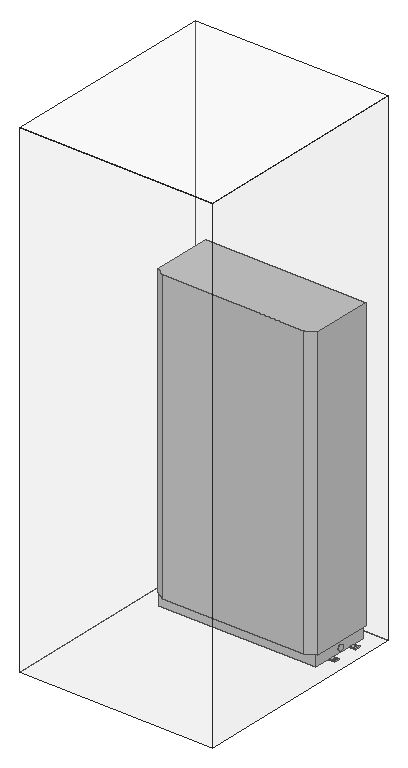
Revit family "pf-rp224_280ea_60Hz", category 機械設備, Revit 2019
Family settings
  丸型コネクタ寸法 = 直径を使用
  パーツ タイプ = 標準
  OmniClass 番号 = 23.75.10.24.21.27.27
  OmniClass タイトル = Split System Air Conditioning Units
  作業面ベース = いいえ
  常に垂直 = はい
  ロード時にボイドで切り取り = いいえ
  共有 = いいえ
  部屋計算ポイント = いいえ
Parameters (values of type "PF-RP224EA")
  騒音レベル（静）(dB) = 65
  騒音レベル（強）(dB) = 68
  騒音レベル（弱）(dB) = 66
  騒音レベル（中）(dB) = 67
  風量（静）（m3／min） = 42
  風量（弱）（m3／min） = 46
  風量（中）（m3／min） = 49
  風量（m3／min） = 53
  風量 = MAX風量  # 3180.0 m³/h
  音響パワーレベル(dB) = 68
  電源種別 = ""
  電圧_電気ヒーター = 0 V
  電圧 = 200 V
  電動機出力_送風機 = 375 W
  電動機出力_圧縮機 = 0 W
  運転質量 = 0.00 kg
  連動 = ""
  質量 = if(製品質量 > 運転質量, 製品質量, 運転質量) * 1.2  # 120.00 kg
  負荷分類 = 3_ファン類
  説明 = "店舗・事務所用パッケージエアコン(Mr.SLIM) 床置形"
  設計暖房能力 [instance] = 0 kW
  設計冷房能力_顕熱 [instance] = 0 kW
  設計冷房能力 [instance] = 0 kW
  設置方法 = "床置形"
  記号 [instance] = ""
  製造元 = "三菱電機株式会社"
  製品質量 = 100.00 kg
  製品出荷対象 = "国内"
  製品リリース年月 = "2021年6月23日"
  製品グループ = ""
  系統 [instance] = ""
  符号 = "PAC-FRV(J)"
  積算_科目 = "1 空気調和設備"
  積算_拾い区分 [instance] = ""
  相_電気ヒーター = 1
  相 = 1
  盤記号 [instance] = ""
  発停方法 = ""
  特殊仕様 [instance] = ""
  火災停止 = ""
  消費電力_電気ヒーター = 0 W
  消費電力_暖房 = 300 W
  消費電力_加湿器 = 0 W
  消費電力_冷房 = 300 W
  消費電力 = if(消費電力_冷房 > 消費電力_暖房, 消費電力_冷房, 消費電力_暖房) + 消費電力_加湿器 + 消費電力_電気ヒーター  # 300 W
  法定耐用年数 = "15"
  機械基礎質量 [instance] = 0.00 kg
  機械基礎_W = 0 mm
  機械基礎_H = 0 mm
  機械基礎_D = 0 mm
  機械基礎 [instance] = no
  機外静圧 = 0.0 Pa
  極数 = 3
  材質 [instance] = ""
  本体マテリアル = none
  有効加湿量 = 0
  最大電流値 = 0 A
  暖房能力 = 22.4 kW
  推奨ブレーカー容量 = 0 A
  形式_加湿器 = ""
  形式 = "床置（露出）立形"
  幹線記号 [instance] = ""
  始動方式 = "直入"
  呼称 = "室内機_床置(露出)⽴形(直吹)"
  周波数 = 60 Hz
  台数_手元リモコン [instance] = ""
  台数_冷媒分岐ユニット [instance] = ""
  参照している仕様書等のバージョン = "公共建築工事標準仕様書（機械設備工事編）平成31年度版"
  加湿給水管径 = 0.00 mm
  分類コード = "50053003123100"
  分類グループ = ""
  冷房能力 = 20 kW
  冷媒高低圧ガス管径 = 0.00 mm
  冷媒管径符号 = "Bg"
  冷媒管径 = 100.00 mm
  冷媒液管径 = 9.52 mm
  冷媒ガス管径 = 25.40 mm
  価格 = 0
  企業コード = "108420"
  付属品_フィルター = ""
  付属品 [instance] = ""
  仕様書バージョン = "Version1.0"
  モデル = "PF-RP224EA"
  ドレン管径 = 26.00 mm
  サービススペース = yes
  コメント [instance] = ""
  Keynote = ""
  Width = 985 mm
  Version = ""
  Uniclass2015Version = "Systems v1.9"
  Uniclass2015Title = "Split coil remote air cooled condensing units"
  Uniclass2015Code = "Pr_70_65_03_84"
  URL = "https://www.mitsubishielectric.co.jp/ldg/wink/ssl/displayProduct.do?pid=310223"
  S寸法 = 50 mm
  SpecificationReference = ""
  SpecificationDescription = ""
  Revision = ""
  ProductInformation = ""
  OmniClassCode = "23-33 17 13 11"
  MIN風量2 = 風量（静）（m3／min） * 60.0 m³/h  # 2520.0 m³/h
  MIN風量 = 風量（弱）（m3／min） * 60.0 m³/h  # 2760.0 m³/h
  MID風量 = 風量（中）（m3／min） * 60.0 m³/h  # 2940.0 m³/h
  MAX風量 = 風量（m3／min） * 60.0 m³/h  # 3180.0 m³/h
  IfcTypeProduct = ""
  IfcProduct = ""
  IfcExportType = "AIRCONDITIONINGUNIT"
  IfcExportAs = "IfcUnitaryEquipmentType"
  Height = 1850 mm
  Depth = 400 mm
  Clearance Top = 300 mm
  Clearance Right = 100 mm
  Clearance Left = 100 mm
  Clearance Front = 900 mm
  Clearance Back = 50 mm
  COP = 0
  Author = "三菱電機株式会社"
  APF = 0
Types (2, lengths in mm): name | 騒音レベル（静）(dB) | 騒音レベル（強）(dB) | 騒音レベル（弱）(dB) | 騒音レベル（中）(dB) | 風量（静）（m3／min） | 風量（弱）（m3／min） | 風量（中）（m3／min） | 風量（m3／min） | 風量 | 音響パワーレベル(dB) | 質量 | 製品質量 | 消費電力_暖房 | 消費電力_冷房 | 消費電力 | 暖房能力 | 冷房能力 | 冷媒管径符号 | 冷媒液管径 | 企業コード | モデル | Width | URL | MIN風量2 | MIN風量 | MID風量 | MAX風量
  PF-RP280EA | 68 | 72 | 69 | 70 | 55 | 61 | 67 | 73 | 4380.0 m³/h | 72 | 133.20 kg | 111.00 kg | 500 W | 500 W | 500 W | 28 kW | 25 kW | "Cg" | 12.70 | "" | "PF-RP280EA" | 1200 | "https://www.mitsubishielectric.co.jp/ldg/wink/ssl/displayProduct.do?pid=310224" | 3300.0 m³/h | 3660.0 m³/h | 4020.0 m³/h | 4380.0 m³/h
  PF-RP224EA | 65 | 68 | 66 | 67 | 42 | 46 | 49 | 53 | 3180.0 m³/h | 68 | 120.00 kg | 100.00 kg | 300 W | 300 W | 300 W | 22.4 kW | 20 kW | "Bg" | 9.52 | "108420" | "PF-RP224EA" | 985 | "https://www.mitsubishielectric.co.jp/ldg/wink/ssl/displayProduct.do?pid=310223" | 2520.0 m³/h | 2760.0 m³/h | 2940.0 m³/h | 3180.0 m³/h
Reference planes
  plane 1: z = 0
  plane 2 "上": z = 1820
  plane 3: z = 1850
  plane 4: z = 0
  plane 5: z = 2150
  plane 6 "中心(左/右)": x = 0
  plane 7 "左": x = -492.5
  plane 8 "右": x = 492.5
  plane 9 "正面": y = -400
  plane 10 "背面": y = 0
  plane 11: y = -525
  plane 12: y = 50
  plane 13: x = -542.5
  plane 14: y = -450
  plane 15: y = 50
  plane 16: y = -1300
  plane 17: x = -592.5
  plane 18: x = 592.5
  plane 19: x = 542.5
  plane 20: y = -200
Lines and regions (mm)
  Masking region 1, detail levels coarse+medium
    outline origin (0, -255, 0) x (1, 0, 0) y (0, 1, 0)
      loop
        line (-492.5, -145) -> (492.5, -145) -> (492.5, 255) -> (-492.5, 255) -> (-492.5, -145)
Dimensions and locks
  locked: plane 3 to plane 2 "上" at 30
  "Height": plane 3 to plane 4
  "Clearance Top": plane 5 to plane 3
  "機械基礎_H": plane 4 to plane 1
  equal spacing: plane 7 "左", plane 6 "中心(左/右)", plane 8 "右"
  "Width": plane 7 "左" to plane 8 "右"
  plane 9 "正面" to plane 10 "背面" = 400 mm
  "Depth": plane 9 "正面" to plane 10 "背面"
  "S寸法": plane 10 "背面" to plane 12
  "S寸法": plane 14 to plane 9 "正面"
  "S寸法": plane 13 to plane 7 "左"
  "Clearance Left": plane 17 to plane 7 "左"
  "Clearance Right": plane 8 "右" to plane 18
  "Clearance Front": plane 16 to plane 9 "正面"
  "Clearance Back": plane 10 "背面" to plane 15
  "S寸法": plane 8 "右" to plane 19
  equal spacing: plane 9 "正面", plane 20, plane 10 "背面"
  aligned and locked: level to plane 1
  aligned and locked: plane 18 to nested 1
  aligned and locked: plane 16 to nested 1
  aligned and locked: nested 1 to plane 17
  aligned and locked: nested 1 to plane 15
  aligned and locked: plane 6 "中心(左/右)" to nested 2
  aligned and locked: plane 20 to nested 2
Automatic sketch dimensions
  Masking region 1 sketch curve to plane 7 "左" = 0 mm
  Masking region 1 sketch curve to plane 8 "右" = 0 mm
  plane 9 "正面" to Masking region 1 sketch curve = 0 mm
  plane 10 "背面" to Masking region 1 sketch curve = 0 mm
Nested families
  nested 1: "サービススペース(PF-RP-EA)" at (0, -625, 1500), visible <- "サービススペース", type "サービススペース(PF-RP-EA)"
    with Width 1185 mm, Height 3000 mm, Depth 1350 mm
  nested 2: "PF-RP-EA" at (0, -200, 0), ①奥行き <- "Depth", ①幅 <- "Width", ①高さ <- "Height", 配管径 <- "冷媒管径", type "PF-RP-EA"
    with 配管径 100 mm, 液W 130 mm, 液H 242 mm, 液D 118 mm, 吊りボルトW 1017 mm, 吊りボルトD 160 mm, ドレン径 30 mm, ドレンW 0 mm, ドレンH 33 mm, ドレンD 190 mm, ガスW 55 mm, ガスH 193 mm, ガスD 118 mm, ①高さ 1850 mm, ①幅 985 mm, ①奥行き 400 mm
Connectors
  piping at (492.5, -190, 33), diameter 26, driven by "ドレン管径"
    settings: on nested 2, index 1, connector inside diameter 609.60 mm, connector length 0 mm, flow factor 0, pipe flow 0.0 L/s, pressure drop 0.0 Pa, fitting loss kfactor 0, connector angle 0.00°, fixture units 0, engagement length 0 mm, angle of deflection 0.00°, flow configuration 1, flow direction 2, fitting loss method 4, system type 16, joint type 0, gender type 0, connector reference index -1, connector utility 0, adjustable connector no, is connector primary yes, connector description ""
  piping at (-335, -282, 193), diameter 100, driven by "冷媒管径"
    settings: on nested 2, index 2, connector inside diameter 609.60 mm, connector length 0 mm, flow factor 0, pipe flow 0.0 L/s, pressure drop 0.0 Pa, fitting loss kfactor 0, connector angle 0.00°, fixture units 0, engagement length 0 mm, angle of deflection 0.00°, flow configuration 1, flow direction 2, fitting loss method 4, system type 7, joint type 0, gender type 0, connector reference index -1, connector utility 0, adjustable connector no, is connector primary no, connector description ""
  piping at (-492.5, -190, 33), diameter 26, driven by "ドレン管径"
    settings: on nested 2, index 3, connector inside diameter 609.60 mm, connector length 0 mm, flow factor 0, pipe flow 0.0 L/s, pressure drop 0.0 Pa, fitting loss kfactor 0, connector angle 0.00°, fixture units 0, engagement length 0 mm, angle of deflection 0.00°, flow configuration 1, flow direction 2, fitting loss method 4, system type 16, joint type 0, gender type 0, connector reference index -1, connector utility 0, adjustable connector no, is connector primary no, connector description ""
Definition of nested family "サービススペース(PF-RP-EA)"
  Parameters (values of type "サービススペース")
    Width [instance] = 500 mm
    Height [instance] = 500 mm
    Depth [instance] = 500 mm
  Reference planes
    plane 1 "中心(正面/背面)": y = 0
    plane 2: z = 0
    plane 3 "中心(左/右)": x = 0
    plane 4: y = -250
    plane 5: x = 250
    plane 6: y = 250
    plane 7: x = -250
    plane 8: z = 250
    plane 9: z = -250
  Forms (mm)
    Extrusion 1, solid
      sketch origin (-638.939, 0, 72.39) x (1, 0, 0) y (0, 1, 0)
        loop
          line (388.939, 250) -> (388.939, -250) -> (888.939, -250) -> (888.939, 250) -> (388.939, 250)
      from -322.39 to 177.61
  Lines and regions (mm)
    symbolic lines
      curve 1: line (-250, 0, 250) -> (250, 0, 250)
      curve 2: line (-250, 0, -250) -> (-250, 0, 250)
      curve 3: line (250, 0, -250) -> (-250, 0, -250)
      curve 4: line (250, 0, 250) -> (250, 0, -250)
      curve 5: line (0, -250, 250) -> (0, 250, 250)
      curve 6: line (0, -250, -250) -> (0, -250, 250)
      curve 7: line (0, 250, -250) -> (0, -250, -250)
      curve 8: line (0, 250, 250) -> (0, 250, -250)
      curve 9: line (-250, 250, 0) -> (250, 250, 0)
      curve 10: line (-250, -250, 0) -> (-250, 250, 0)
      curve 11: line (250, -250, 0) -> (-250, -250, 0)
      curve 12: line (250, 250, 0) -> (250, -250, 0)
  Dimensions and locks
    equal spacing: plane 7, plane 3 "中心(左/右)", plane 5
    equal spacing: plane 4, plane 1 "中心(正面/背面)", plane 6
    "Depth": plane 4 to plane 6
    "Width": plane 7 to plane 5
    equal spacing: plane 8, plane 2, plane 9
    "Height": plane 8 to plane 9
    aligned and locked: plane 9 to curve 3
    aligned and locked: plane 7 to curve 2
    aligned and locked: curve 4 to plane 5
    aligned and locked: plane 5 to Extrusion 1
    aligned and locked: Extrusion 1 to plane 7
    aligned and locked: Extrusion 1 to plane 9
    aligned and locked: plane 8 to Extrusion 1
    aligned and locked: plane 9 to curve 7
  Automatic sketch dimensions
    plane 4 to Extrusion 1 sketch curve = 0 mm
    Extrusion 1 sketch curve to plane 7 = 0 mm
    Extrusion 1 sketch curve to plane 5 = 0 mm
    plane 6 to Extrusion 1 sketch curve = 0 mm
    curve 2 to plane 8 = 0 mm
    plane 4 to curve 11 = 0 mm
    curve 11 to plane 7 = 0 mm
    curve 11 to plane 5 = 0 mm
    plane 6 to curve 10 = 0 mm
    curve 7 to plane 4 = 0 mm
    curve 7 to plane 6 = 0 mm
    curve 6 to plane 8 = 0 mm
Definition of nested family "PF-RP-EA"
  Parameters (values of type "PF-RP-EA")
    配管径 [instance] = 100 mm
    液W [instance] = if(①幅 = 985 mm, 130 mm, 129 mm)  # 130 mm
    液H [instance] = 242 mm
    液D [instance] = 118 mm
    吊りボルトW [instance] = if(①幅 = 985 mm, 1017 mm, 1232 mm)  # 1017 mm
    吊りボルトD [instance] = 160 mm
    ドレン径 [instance] = 30 mm
    ドレンW [instance] = 0 mm
    ドレンH [instance] = 33 mm
    ドレンD [instance] = 190 mm
    ガスW [instance] = if(①幅 = 985 mm, 55 mm, 58 mm)  # 55 mm
    ガスH [instance] = 193 mm
    ガスD [instance] = 118 mm
    ①高さ [instance] = 1850 mm
    ①幅 [instance] = 985 mm
    ①奥行き [instance] = 400 mm
  Reference planes
    plane 1 "中心(正面/背面)": y = 0
    plane 2: z = 0
    plane 3 "中心(左/右)": x = 0
    plane 4: x = -492.5
    plane 5: x = 492.5
    plane 6: y = 200
    plane 7: y = -200
    plane 8: z = 1850
    plane 9: z = 1825
    plane 10: z = 1545
    plane 11: z = 1000
    plane 12: z = 915
    plane 13: z = 70
    plane 14: x = -482.5
    plane 15: x = 482.5
    plane 16: y = 190
    plane 17: y = -170
    plane 18: x = -432.5
    plane 19: x = 432.5
    plane 20: x = -362.5
    plane 21: x = -307.5
    plane 22: x = -335
    plane 23: y = -82
    plane 24: z = 193
    plane 25: z = 242
    plane 26: x = -508.5
    plane 27: x = 508.5
    plane 28: y = 100
    plane 29: y = -60
    plane 30: x = -522.5
    plane 31: x = 522.5
    plane 32: y = 115
    plane 33: y = 85
    plane 34: y = -75
    plane 35: y = -45
    plane 36: y = 10
    plane 37: z = 33
  Forms (mm)
    Extrusion 1, solid, detail levels fine
      sketch origin (0, 0, 0) x (1, 0, 0) y (0, 1, 0)
        loop
          line (-492.5, 200) -> (-492.5, -170) -> (-432.5, -200) -> (432.5, -200) -> (492.5, -170) -> (492.5, 200) -> (-492.5, 200)
      from 70 to 1850
    Extrusion 2, solid, detail levels fine
      sketch origin (0, 0, 0) x (1, 0, 0) y (0, 1, 0)
        loop
          line (-482.5, 190) -> (-482.5, -170) -> (482.5, -170) -> (482.5, 190) -> (-482.5, 190)
      from 0 to 70
    Extrusion 3, solid, detail levels fine
      sketch origin (0, 0, 0) x (1, 0, 0) y (0, 1, 0)
        loop
          circle (-335, -82) r 50
      from 193 to 242
    Extrusion 4, solid, detail levels fine
      sketch origin (0, 0, 0) x (1, 0, 0) y (0, 1, 0)
        loop
          line (-522.5, 115) -> (-522.5, 85) -> (-482.5, 85) -> (-482.5, 115) -> (-522.5, 115)
        loop
          circle (-508.5, 100) r 5
        loop
          line (522.5, 115) -> (482.5, 115) -> (482.5, 85) -> (522.5, 85) -> (522.5, 115)
        loop
          circle (508.5, 100) r 5
        loop
          line (-522.5, -45) -> (-522.5, -75) -> (-482.5, -75) -> (-482.5, -45) -> (-522.5, -45)
        loop
          circle (-508.5, -60) r 5
        loop
          line (522.5, -45) -> (482.5, -45) -> (482.5, -75) -> (522.5, -75) -> (522.5, -45)
        loop
          circle (508.5, -60) r 5
      from 0 to 5
    Extrusion 5, solid, detail levels fine
      sketch origin (0, 0, 0) x (0, 1, 0) y (0, 0, 1)
        loop
          circle (10, 33) r 15
      from 482.5 to 492.5
    Extrusion 6, solid, detail levels fine
      sketch origin (0, 0, 0) x (0, 1, 0) y (0, 0, -1)
        loop
          circle (10, -33) r 15
      from 482.5 to 492.5
  Dimensions and locks
    equal spacing: plane 7, plane 1 "中心(正面/背面)", plane 6
    "①奥行き": plane 7 to plane 6
    equal spacing: plane 4, plane 3 "中心(左/右)", plane 5
    "①幅": plane 4 to plane 5
    locked: plane 13 to level at 70
    locked: plane 12 to plane 13 at 845
    plane 11 to plane 12 = 85 mm
    locked: plane 10 to plane 11 at 545
    locked: plane 9 to plane 10 at 280
    locked: plane 8 to plane 9 at 25
    "①高さ": plane 8 to level
    locked: plane 4 to plane 14 at 10
    locked: plane 15 to plane 5 at 10
    locked: plane 16 to plane 6 at 10
    locked: plane 7 to plane 17 at 30
    locked: plane 4 to plane 18 at 60
    locked: plane 19 to plane 5 at 60
    locked: plane 7 to plane 23 at 118
    equal spacing: plane 20, plane 22, plane 21
    "液W": plane 4 to plane 20
    "ガスW": plane 20 to plane 21
    "ガスH": plane 24 to level
    "液H": plane 25 to level
    "吊りボルトD": plane 29 to plane 28
    "吊りボルトW": plane 26 to plane 27
    equal spacing: plane 26, plane 3 "中心(左/右)", plane 27
    locked: plane 28 to plane 6 at 100
    locked: plane 27 to plane 31 at 14
    locked: plane 30 to plane 26 at 14
    plane 34 to plane 29 to plane 35 = 15 mm locked, 15 mm locked
    plane 33 to plane 28 to plane 32 = 15 mm locked, 15 mm locked
    "ドレンD": plane 36 to plane 6
    "ドレンH": plane 37 to level
    "配管径": diameter of Extrusion 3 sketch curve
    "ドレン径": diameter of Extrusion 5 sketch curve
    "ドレン径": diameter of Extrusion 6 sketch curve
    aligned and locked: level to plane 2
    aligned and locked: plane 6 to Extrusion 1 sketch curve
    aligned and locked: Extrusion 1 sketch curve to plane 7
    aligned and locked: Extrusion 1 sketch curve to plane 5
    aligned and locked: plane 16 to Extrusion 2 sketch curve
    aligned and locked: plane 14 to Extrusion 2 sketch curve
    aligned and locked: Extrusion 2 sketch curve to plane 17
    aligned and locked: Extrusion 2 sketch curve to plane 15
    aligned and locked: plane 8 to Extrusion 1
    aligned and locked: Extrusion 1 to plane 13
    aligned and locked: plane 13 to Extrusion 2
    aligned and locked: plane 4 to Extrusion 1 sketch curve
    aligned and locked: plane 5 to Extrusion 1 sketch curve
    aligned and locked: plane 23 to Extrusion 3 sketch curve
    aligned and locked: plane 22 to Extrusion 3 sketch curve
    aligned and locked: Extrusion 3 to plane 24
    aligned and locked: plane 25 to Extrusion 3
    aligned and locked: plane 32 to Extrusion 4 sketch curve
    aligned and locked: plane 30 to Extrusion 4 sketch curve  (x2)
    aligned and locked: Extrusion 4 sketch curve to plane 33
    aligned and locked: plane 26 to Extrusion 4 sketch curve  (x2)
    aligned and locked: plane 28 to Extrusion 4 sketch curve  (x2)
    aligned and locked: plane 35 to Extrusion 4 sketch curve
    aligned and locked: Extrusion 4 sketch curve to plane 34
    aligned and locked: plane 29 to Extrusion 4 sketch curve  (x2)
    aligned and locked: plane 33 to Extrusion 4 sketch curve
    aligned and locked: Extrusion 4 sketch curve to plane 32
    aligned and locked: Extrusion 4 sketch curve to plane 35
    aligned and locked: plane 34 to Extrusion 4 sketch curve
    aligned and locked: plane 31 to Extrusion 4 sketch curve  (x2)
    aligned and locked: plane 27 to Extrusion 4 sketch curve  (x2)
    aligned and locked: Extrusion 4 sketch curve to plane 14  (x2)
    aligned and locked: Extrusion 4 sketch curve to plane 15  (x2)
    aligned and locked: plane 26 to nested 1
    aligned and locked: plane 27 to nested 1
    aligned and locked: plane 29 to nested 1
    aligned and locked: nested 1 to plane 28
    aligned and locked: plane 36 to Extrusion 5 sketch curve
    aligned and locked: plane 37 to Extrusion 5 sketch curve
    aligned and locked: plane 5 to Extrusion 5
    aligned and locked: Extrusion 5 to plane 15
    aligned and locked: Extrusion 6 to plane 4
    aligned and locked: plane 14 to Extrusion 6
    aligned and locked: plane 37 to Extrusion 6 sketch curve
    aligned and locked: plane 36 to Extrusion 6 sketch curve
  Automatic sketch dimensions
    Extrusion 1 sketch curve to plane 18 = 0 mm
    Extrusion 1 sketch curve to plane 19 = 0 mm
    plane 17 to Extrusion 1 sketch curve = 0 mm  (x2)
    radius of Extrusion 4 sketch curve = 5 mm  (x4)
  Nested families
    nested 1: "固定点" at (-508.5, -60, 0), type "固定点"
      with W 1017 mm, D 160 mm
  Definition of nested family "固定点"
    Parameters (values of type "固定点")
      中心円 = 20 mm
      W [instance] = 1000 mm
      D [instance] = 1000 mm
    Reference planes
      plane 1 "中心(正面/背面)": y = 0
      plane 2: z = 0
      plane 3 "中心(左/右)": x = 0
      plane 4: x = 1000
      plane 5: y = 1000
    Lines and regions (mm)
      symbolic lines, detail levels fine
        curve 1: circle (0, 1000, 0) r 10 normal (0, 0, 1)
        curve 2: circle (0, 0, 0) r 10 normal (0, 0, 1)
        curve 3: circle (1000, 1000, 0) r 10 normal (0, 0, 1)
        curve 4: circle (1000, 0, 0) r 10 normal (0, 0, 1)
        curve 5: line (-200, 1000, 0) -> (1200, 1000, 0)
        curve 6: line (-200, 0, 0) -> (1200, 0, 0)
        curve 7: line (0, 1200, 0) -> (0, -200, 0)
        curve 8: line (1000, 1200, 0) -> (1000, -200, 0)
    Dimensions and locks
      "W": plane 3 "中心(左/右)" to plane 4
      "D": plane 1 "中心(正面/背面)" to plane 5
      "中心円": diameter of curve 1
      "中心円": diameter of curve 2
      "中心円": diameter of curve 3
      "中心円": diameter of curve 4
      aligned and locked: level to plane 2
      aligned and locked: plane 5 to curve 1
      aligned and locked: plane 3 "中心(左/右)" to curve 1
      aligned and locked: plane 3 "中心(左/右)" to curve 2
      aligned and locked: plane 1 "中心(正面/背面)" to curve 2
      aligned and locked: plane 4 to curve 3
      aligned and locked: plane 5 to curve 3
      aligned and locked: plane 1 "中心(正面/背面)" to curve 4
      aligned and locked: plane 4 to curve 4
      aligned and locked: plane 1 "中心(正面/背面)" to curve 6
      aligned and locked: curve 7 to plane 3 "中心(左/右)"
      aligned and locked: curve 8 to plane 4
    Automatic sketch dimensions
      curve 5 to plane 5 = 0 mm
      curve 6 to plane 3 "中心(左/右)" = 200 mm
      curve 5 to plane 3 "中心(左/右)" = 200 mm
      curve 4 to curve 6 = 200 mm
      curve 3 to curve 5 = 200 mm
      plane 1 "中心(正面/背面)" to curve 8 = 200 mm
      plane 1 "中心(正面/背面)" to curve 7 = 200 mm
      curve 3 to curve 8 = 200 mm
      curve 1 to curve 7 = 200 mm
